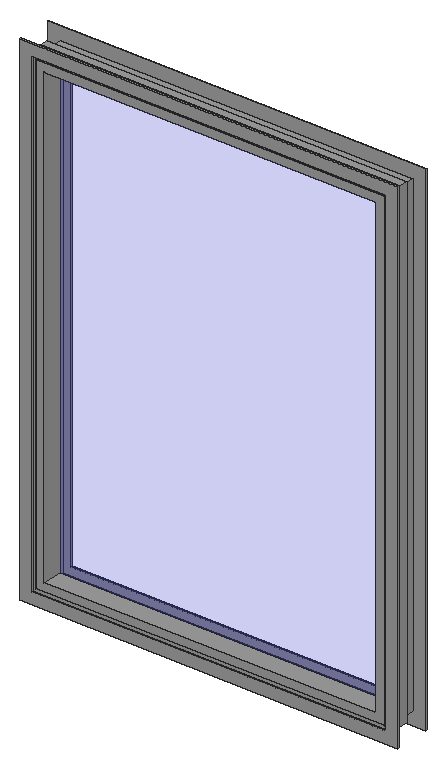
Revit family "3350_Fixed", category Windows, host Wall, Revit 2023
Family settings
  Host = Wall
  OmniClass Number = 23.30.20.00
  OmniClass Title = Windows
  Always vertical = Yes
  Cut with Voids When Loaded = No
  Shared = No
  Room Calculation Point = No
Parameters
  Height = 4' - 0"
  Glazing Material = Glass
  Frame Material = Default
  Depth From Exterior = 0' - 1"
  Default Sill Height = 3' - 0"
  Wall Closure = By host
  Width = 3' - 0"
Reference planes (in)
  plane 1 "Center (Front/Back)": y = 0
  plane 2: z = 0
  plane 3 "Center (Left/Right)": x = 0
  plane 4 "Left": x = -18
  plane 5 "Right": x = 18
  plane 6 "Sill": z = 36
  plane 7 "Top": z = 84
  plane 8: y = 3
  plane 9: y = 2
  plane 10: y = 0.62401
Forms (in)
  Sweep 1, solid, material "Default" <- "Frame Material"
    path origin (0, 0, 0) x (1, 0, 0) y (0, 0, 1)
      loop
        line (-18, 36) -> (18, 36) -> (18, 84) -> (-18, 84) -> (-18, 36)
    profile origin (0, 0, 36) x (0, 0, 1) y (0, -1, 0)
      loop
        line (0, -2) -> (2.15984, -2) -> (2.15984, -1.875) -> (1.37524, -1.875) -> (1.37524, 1.32535) -> (1.125, 1.32535) -> (1.125, 1.50499) -> (0, 1.50499) -> (0, 1.37999) -> (1.00415, 1.37999) -> (1.00415, 1.20035) -> (1.25024, 1.20035) -> (1.25024, 0.10249) -> (0.87975, 0.10249) -> (0.87975, -0.65951) -> (1.25024, -0.65951) -> (1.25024, -1.875) -> (0, -1.875) -> (0, -2)
  Sweep 2, solid, material "Default" <- "Frame Material"
    path origin (0, 0, 0) x (1, 0, 0) y (0, 0, 1)
      loop
        line (-16.62476, 37.37524) -> (16.62476, 37.37524) -> (16.62476, 82.62476) -> (-16.62476, 82.62476) -> (-16.62476, 37.37524)
    profile origin (0, 0, 37.37524) x (0, 0, 1) y (0, -1, 0)
      loop
        line (0.78124, -0.62401) -> (0.78124, 1.32535) -> (0, 1.32535) -> (0, -0.62401) -> (0.78124, -0.62401)
  Sweep 3, solid, material "Glass" <- "Glazing Material"
    path origin (0, 0, 36) x (0, -1, 0) y (1, 0, 0)
      loop
        line (-1.875, -16.62476) -> (-1.875, 16.62476)
    profile origin (0, 1.875, 36) x (0, 1, 0) y (0, 0, 1)
      loop
        line (0, 1.37524) -> (0, 46.62476) -> (-1, 46.62476) -> (-1, 1.37524) -> (0, 1.37524)
Lines and regions (in)
  Opening 1
    outline origin (-60, -3, 0) x (1, 0, 0) y (0, 0, 1)
      loop
        line (42, 84) -> (42, 36) -> (78, 36) -> (78, 84) -> (42, 84)
Text (in)
  text "EXTERIOR" at (-58.6888, 50.90694, 0), in view "Ref. Level"
  text "INTERIOR" at (-58.6888, -37.76638, 0), in view "Ref. Level"
  text "Exterior" at (0, 43.65631, 123.19604), in view "Left"
  text "Exterior" at (0, 18.29385, 125.04747), in view "Right"
Dimensions and locks (in)
  equal spacing: plane 4 "Left", plane 3 "Center (Left/Right)", plane 5 "Right"
  plane 4 "Left" to plane 5 "Right" = 3' - 0"
  locked: plane 8 to plane 1 "Center (Front/Back)" at 3
  "Depth From Exterior": plane 8 to plane 9
  locked: plane 9 to plane 10 at 1.37599
  "Height": plane 6 "Sill" to plane 7 "Top"
  "Default Sill Height": plane 2 to plane 6 "Sill"
  "Width": plane 4 "Left" to plane 5 "Right"
  aligned and locked: plane 7 "Top" to Opening 1 sketch curve
  aligned and locked: plane 6 "Sill" to Opening 1 sketch curve  (x2)
  aligned and locked: plane 5 "Right" to Opening 1 sketch curve
  aligned and locked: plane 4 "Left" to Opening 1 sketch curve
  aligned and locked: level to plane 2
  aligned and locked: plane 6 "Sill" to Sweep 1 sketch curve
  aligned and locked: plane 4 "Left" to Sweep 1 sketch curve
  aligned and locked: Sweep 1 sketch curve to plane 7 "Top"
  aligned and locked: Sweep 1 sketch curve to plane 5 "Right"
  aligned and locked: Sweep 1 to plane 9
  aligned and locked: Sweep 2 sketch curve to Sweep 1  (x4)
  aligned and locked: Sweep 1 to Sweep 2
  aligned and locked: plane 10 to Sweep 2
  aligned and locked: Sweep 3 sketch curve to Sweep 1  (x5)
Automatic sketch dimensions
  Sweep 1 sketch curve to profile plane = 0' - 0"
  Sweep 1 sketch curve to Sweep 1 sketch curve = 0' - 0"
  Sweep 1 sketch curve to Sweep 1 sketch curve = 0' - 0.87975"
  Sweep 1 sketch curve to Sweep 1 sketch curve = 0' - 1.00415"
  Sweep 1 sketch curve to Sweep 1 sketch curve = 0' - 0.12085"
  Sweep 1 sketch curve to Sweep 1 sketch curve = 0' - 1.25024"
  Sweep 1 sketch curve to Sweep 1 sketch curve = 0' - 0.12524"
  Sweep 1 sketch curve to Sweep 1 sketch curve = 0' - 0 1/8"  (x5)
  Sweep 1 sketch curve to Sweep 1 sketch curve = 0' - 0.7846"
  Sweep 1 sketch curve to plane 1 "Center (Front/Back)" = 0' - 2"
  Sweep 1 sketch curve to Sweep 1 sketch curve = 0' - 1.21549"
  Sweep 1 sketch curve to Sweep 1 sketch curve = 0' - 1.85986"
  Sweep 1 sketch curve to Sweep 1 sketch curve = 0' - 0.05464"
  Sweep 1 sketch curve to Sweep 1 sketch curve = 0' - 0.762"
  Sweep 2 sketch curve to profile plane = 0' - 0"
  Sweep 2 sketch curve to plane 1 "Center (Front/Back)" = 0' - 0.62401"
  Sweep 2 sketch curve to Sweep 2 sketch curve = 0' - 1.94936"
  Sweep 2 sketch curve to Sweep 2 sketch curve = 0' - 0 25/32"
  Sweep 3 sketch curve to profile plane = 0' - 0"
  profile plane to Sweep 3 sketch curve = 0' - 1"
